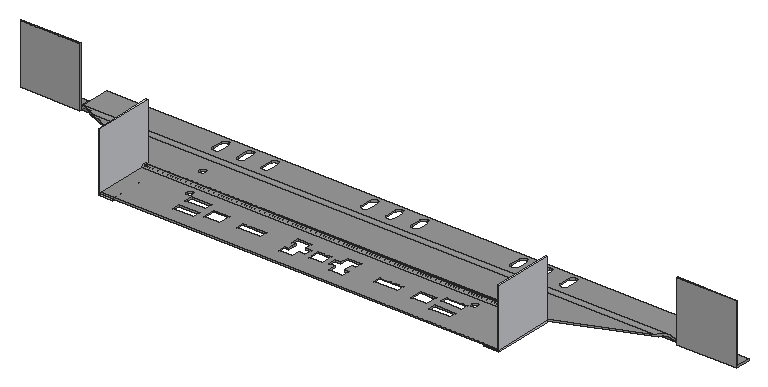
Revit family "Anbau-Abzweigstück - RAAM 640 FS", category Generic Models, Revit 2017
Family settings
  Can host rebar = No
  Round Connector Dimension = Use Diameter
  Part Type = Normal
  Work Plane-Based = No
  Always vertical = Yes
  Cut with Voids When Loaded = No
  Shared = No
  Room Calculation Point = No
Parameters (values of type "RAAM 630 FS")
  Width/2 = Width 2 / 2  # 300 mm
  Width 2 = 600 mm
  Width 1 = Width / 2  # 200 mm
  Width = 400 mm
  URL = "http://www.obo-bettermann.com"
  Material = Strip galvanised
  Manufacturer Art.No. = "6041238"
  Manufacturer = "OBO BETTERMANN"
  GTIN = "4012195878636"
  Article Type = "RAAM 640 FS"
Reference planes
  plane 1 "Center (Front/Back)": y = 0
  plane 2: z = 0
  plane 3 "Center (Left/Right)": x = 0
  plane 4: y = -5.4
  plane 5: z = 3.3
  plane 6: y = -59.8
  plane 7: x = -200
  plane 8: x = 200
  plane 9: x = 300
  plane 10: x = -300
  plane 11: y = 27.173
  plane 12: y = 37.1
  plane 13: z = -1.45
  plane 14: z = 3.3
  plane 15: y = 34.35
  plane 16: y = 39.85
  plane 17: y = 39.072
  plane 18: y = 73.7
  plane 19: y = -8.449
  plane 20: y = -2.7
  plane 21: x = 201.25
  plane 22: x = -201.25
  plane 23: x = 359.6
  plane 24: x = -359.6
  plane 25: y = -32.694
  plane 26: x = -32
  plane 27: x = 32
  plane 28: x = 28
  plane 29: x = -32
  plane 30: x = -28
  plane 31: y = -36.956
  plane 32: y = -44.794
  plane 33: y = -28.916
  plane 34: y = -21.116
  plane 35: y = -28.697
  plane 36: y = -37.194
  plane 37: x = 69
  plane 38: x = -69
  plane 39: x = 104
  plane 40: x = -104
  plane 41: x = 128.5
  plane 42: x = -128.5
  plane 43: y = -24.694
  plane 44: y = -40.694
  plane 45: y = -24.694
  plane 46: y = -40.694
  plane 47: x = -128.5
  plane 48: x = 143.25
  plane 49: x = -143.25
  plane 50: y = -17.55
  plane 51: y = -17.55
  plane 52: y = 60.7
  plane 53: x = 25
  plane 54: x = -25
  plane 55: x = 125
  plane 56: x = -125
  plane 57: y = 69.7
  plane 58: y = 51.7
  plane 59: x = 150
  plane 60: x = 175
  plane 61: x = -150
  plane 62: x = -175
  plane 63: y = 69.7
  plane 64: y = 51.7
  plane 65: x = 157.49
  plane 66: x = -157.49
  plane 67: y = 16.81
  plane 68: y = 16.81
  plane 69: x = -220.1
Forms (mm)
  Extrusion 1, solid, material "Strip galvanised" <- "Material"
    sketch origin (0, 0, 0) x (0, 1, 0) y (0, 0, 1)
      loop
        line (-8.068, 1.284) -> (-59.8, 1.284) -> (-59.8, 0) -> (-8.213, 0)
        arc (-8.213, 0) -> (-7.377, 0.255) -> (-6.825, 0.932) r 1.5
        arc (-6.825, 0.932) -> (-5.366, 2.086) -> (-3.906, 0.932) r 1.5
        arc (-3.906, 0.932) -> (-3.354, 0.255) -> (-2.518, 0) r 1.5
        line (-2.518, 0) -> (0, 0) -> (0, 1.3) -> (-2.705, 1.3)
        arc (-2.705, 1.3) -> (-5.392, 3.286) -> (-8.068, 1.284) r 2.8
    from -200 to 200
  Extrusion 2, solid, material "Strip galvanised" <- "Material"
    sketch origin (0, 0, 0) x (0, 1, 0) y (0, 0, 1)
      loop
        line (0, 0) -> (35.414, 0) -> (35.682, 0.944)
        arc (35.682, 0.944) -> (36.667, 1.944) -> (38.04, 1.654) r 1.462
        line (38.04, 1.654) -> (40.569, -2.728) -> (73.7, -2.728) -> (73.7, -1.45) -> (41.333, -1.45) -> (39.072, 2.465)
        arc (39.072, 2.465) -> (36.416, 3.223) -> (34.432, 1.3) r 2.762
        line (34.432, 1.3) -> (0, 1.3) -> (0, 0)
    from -300 to 300
  Extrusion 3, void
    sketch origin (0, 0.747, 0) x (1, 0, 0) y (0, 1, 0)
      loop
        line (-300, 40.555) -> (-300, -0.747) -> (-199.198, -0.747) -> (-300, 40.555)
    from -2.728 to 4.958
  Extrusion 4, void
    sketch origin (0, 0, 0) x (1, 0, 0) y (0, 1, 0)
      loop
        line (300, 0) -> (300, 41.333) -> (200.073, 0) -> (300, 0)
    from -2.728 to 4.958
  Extrusion 5, solid
    sketch origin (0, 0, 0) x (0, 1, 0) y (0, 0, 1)
      loop
        line (-59.8, 0) -> (0, 0) -> (0, 58.14) -> (-59.8, 58.14) -> (-59.8, 0)
    from 200 to 201.25
  Extrusion 6, solid
    sketch origin (0, 0.246, 0) x (0, 1, 0) y (0, 0, 1)
      loop
        line (0, 0) -> (0, 58.14) -> (-60.046, 58.14) -> (-60.046, 0) -> (0, 0)
    from -201.25 to -200
  Extrusion 7, solid
    sketch origin (0, 0, 0) x (1, 0, 0) y (0, 0, 1)
      loop
        line (-201.25, 0) -> (-201.25, -1.217) -> (-186.25, -1.217) -> (-186.25, 0) -> (-200, 0) -> (-201.25, 0)
    from 0 to 59.8
  Extrusion 8, solid
    sketch origin (0, 0, 0) x (1, 0, 0) y (0, 0, 1)
      loop
        line (201.25, 0) -> (186.25, 0) -> (186.25, -1.268) -> (201.25, -1.268) -> (201.25, 0)
    from 0 to 59.8
  Extrusion 9, solid, material "Strip galvanised" <- "Material"
    sketch origin (0, 0, 0) x (0, 1, 0) y (0, 0, 1)
      loop
        line (41.302, -2.728) -> (41.302, 56.022) -> (40.145, 56.022) -> (40.145, -3.978) -> (55.145, -3.978) -> (55.145, -2.728) -> (41.302, -2.728)
    from 300 to 359.6
  Extrusion 10, void
    sketch origin (0, 0, 0) x (1, 0, 0) y (0, 1, 0)
      loop
        line (300, 55.145) -> (300, 41.302) -> (302.358, 41.302) -> (302.358, 55.145) -> (300, 55.145)
    from -2.728 to -3.978
  Extrusion 11, solid, material "Strip galvanised" <- "Material"
    sketch origin (0, 0, 0) x (0, 1, 0) y (0, 0, 1)
      loop
        line (40.145, -3.978) -> (55.145, -3.978) -> (55.145, -2.728) -> (41.302, -2.728) -> (41.302, 56.022) -> (40.145, 56.022) -> (40.145, -3.978)
    from -300 to -359.6
  Extrusion 12, void
    sketch origin (0, 0, 0) x (1, 0, 0) y (0, 1, 0)
      loop
        line (-300, 55.145) -> (-302.376, 55.145) -> (-302.376, 41.302) -> (-300, 41.302) -> (-300, 55.145)
    from -2.728 to -3.978
  Extrusion 13, void
    sketch origin (0, 0, 0) x (1, 0, 0) y (0, 1, 0)
      loop
        line (-7, -26.694) -> (-7, -38.694) -> (7, -38.694) -> (7, -26.694) -> (-7, -26.694)
    from 1.284 to 0
  Extrusion 14, void
    sketch origin (0, 0, 0) x (1, 0, 0) y (0, 1, 0)
      loop
        line (28, -32.897) -> (28, -28.697) -> (32, -28.697) -> (32, -21.116) -> (17.986, -21.116) -> (17.986, -28.916) -> (11.944, -28.916) -> (11.944, -36.956) -> (17.986, -36.956) -> (17.986, -44.794) -> (32, -44.794) -> (32, -37.194) -> (28, -37.194) -> (28, -32.897)
    from 1.284 to 0
  Extrusion 15, void
    sketch origin (0, 0, 0) x (1, 0, 0) y (0, 1, 0)
      loop
        line (-28, -32.905) -> (-28, -37.194) -> (-32, -37.194) -> (-32, -44.794) -> (-17.955, -44.794) -> (-17.955, -36.956) -> (-11.98, -36.956) -> (-11.98, -28.916) -> (-17.955, -28.916) -> (-17.955, -21.116) -> (-32, -21.116) -> (-32, -28.697) -> (-28, -28.697) -> (-28, -32.905)
    from 1.284 to 0
  Extrusion 16, void
    sketch origin (0, 0, 0) x (1, 0, 0) y (0, 1, 0)
      loop
        line (57, -28.694) -> (57, -36.694) -> (81, -36.694) -> (81, -28.694) -> (57, -28.694)
    from 1.284 to 0
  Extrusion 17, void
    sketch origin (0, 0, 0) x (1, 0, 0) y (0, 1, 0)
      loop
        line (-81, -28.694) -> (-81, -36.694) -> (-57, -36.694) -> (-57, -28.694) -> (-81, -28.694)
    from 1.284 to 0
  Extrusion 18, void
    sketch origin (0, 0, 0) x (1, 0, 0) y (0, 1, 0)
      loop
        line (96, -26.694) -> (96, -38.694) -> (112, -38.694) -> (112, -26.694) -> (96, -26.694)
      loop
        line (-112, -26.694) -> (-112, -38.694) -> (-96, -38.694) -> (-96, -26.694) -> (-112, -26.694)
    from 1.284 to -2.728
  Extrusion 19, void
    sketch origin (0, 0, 0) x (1, 0, 0) y (0, 1, 0)
      loop
        line (118, -20.894) -> (118, -28.494) -> (139, -28.494) -> (139, -20.894) -> (118, -20.894)
      loop
        line (118, -36.894) -> (118, -44.494) -> (139, -44.494) -> (139, -36.894) -> (118, -36.894)
    from 1.3 to 0
  Extrusion 20, void
    sketch origin (0, 0, 0) x (1, 0, 0) y (0, 1, 0)
      loop
        line (-139, -20.894) -> (-139, -28.494) -> (-118, -28.494) -> (-118, -20.894) -> (-139, -20.894)
      loop
        line (-139, -36.894) -> (-139, -44.494) -> (-118, -44.494) -> (-118, -36.894) -> (-139, -36.894)
    from 1.3 to 0
  Extrusion 21, void
    sketch origin (0, 0, 0) x (1, 0, 0) y (0, 1, 0)
      loop
        circle (143.25, -17.251) r 3.1
      loop
        circle (-143.25, -17.251) r 3.067
    from 1.284 to -1.45
  Extrusion 22, void
    sketch origin (0, 0, 0) x (1, 0, 0) y (0, 1, 0)
      loop
        arc (-4, 55.7) -> (0, 51.7) -> (4, 55.7) r 4
        line (4, 55.7) -> (4, 65.7)
        arc (4, 65.7) -> (0, 69.7) -> (-4, 65.7) r 4
        line (-4, 65.7) -> (-4, 55.7)
      loop
        arc (21.008, 55.7) -> (25.008, 51.7) -> (29.008, 55.7) r 4
        line (29.008, 55.7) -> (29.008, 65.7)
        arc (29.008, 65.7) -> (25.008, 69.7) -> (21.008, 65.7) r 4
        line (21.008, 65.7) -> (21.008, 55.7)
      loop
        arc (-29, 55.7) -> (-25, 51.7) -> (-21, 55.7) r 4
        line (-21, 55.7) -> (-21, 65.7)
        arc (-21, 65.7) -> (-25, 69.7) -> (-29, 65.7) r 4
        line (-29, 65.7) -> (-29, 55.7)
      loop
        arc (120.831, 55.785) -> (124.915, 51.7) -> (129, 55.785) r 4.085
        line (129, 55.785) -> (129, 65.615)
        arc (129, 65.615) -> (124.915, 69.7) -> (120.831, 65.615) r 4.085
        line (120.831, 65.615) -> (120.831, 55.785)
      loop
        arc (146, 55.791) -> (150, 51.791) -> (154, 55.791) r 4
        line (154, 55.791) -> (154, 65.7)
        arc (154, 65.7) -> (150, 69.7) -> (146, 65.7) r 4
        line (146, 65.7) -> (146, 55.791)
      loop
        arc (171.007, 55.544) -> (175.004, 51.548) -> (179, 55.544) r 3.996
        line (179, 55.544) -> (179, 65.757)
        arc (179, 65.757) -> (175.004, 69.753) -> (171.007, 65.757) r 3.996
        line (171.007, 65.757) -> (171.007, 55.544)
      loop
        arc (-129, 55.614) -> (-125.086, 51.7) -> (-121.172, 55.614) r 3.914
        line (-121.172, 55.614) -> (-121.172, 65.786)
        arc (-121.172, 65.786) -> (-125.086, 69.7) -> (-129, 65.786) r 3.914
        line (-129, 65.786) -> (-129, 55.614)
      loop
        arc (-153.996, 55.729) -> (-149.996, 51.729) -> (-145.996, 55.729) r 4
        line (-145.996, 55.729) -> (-145.996, 65.7)
        arc (-145.996, 65.7) -> (-149.996, 69.7) -> (-153.996, 65.7) r 4
        line (-153.996, 65.7) -> (-153.996, 55.729)
      loop
        arc (-178.78, 55.884) -> (-174.596, 51.7) -> (-170.412, 55.884) r 4.184
        line (-170.412, 55.884) -> (-170.412, 65.516)
        arc (-170.412, 65.516) -> (-174.596, 69.7) -> (-178.78, 65.516) r 4.184
        line (-178.78, 65.516) -> (-178.78, 55.884)
    from 0 to -2.728
  Extrusion 23, void
    sketch origin (0, 0, 0) x (1, 0, 0) y (0, 1, 0)
      loop
        circle (157.49, 16.81) r 3.129
      loop
        circle (-157.49, 16.81) r 3.144
    from 1.3 to 0
Cuts and joins
  Extrusion 3, Extrusion 4, Extrusion 10, Extrusion 12, Extrusion 22, Extrusion 23 cuts Extrusion 2
  Extrusion 10 cuts Extrusion 9
  Extrusion 12 cuts Extrusion 11
  Extrusion 13, Extrusion 14, Extrusion 15, Extrusion 16, Extrusion 17, Extrusion 18, Extrusion 19, Extrusion 20, Extrusion 21 cuts Extrusion 1
  Extrusion 19, Extrusion 21 cuts Extrusion 8
  Extrusion 20, Extrusion 21 cuts Extrusion 7
Dimensions and locks
  locked: plane 6 to Extrusion 1 sketch curve at 59.8
  plane 6 to plane 4 = 54.4 mm
  locked: Extrusion 1 sketch curve to Extrusion 1 sketch curve at 1.284
  Extrusion 1 sketch curve to Extrusion 1 sketch curve = 59.8 mm
  locked: plane 5 to level at 3.3
  locked: Extrusion 1 sketch curve to level at 2.086
  locked: Extrusion 1 sketch curve to Extrusion 1 sketch curve at 3.286
  "Width 1": plane 7 to plane 3 "Center (Left/Right)"
  "Width": plane 7 to plane 8
  locked: Extrusion 1 to Extrusion 1 at 59.8
  "Width/2": plane 3 "Center (Left/Right)" to plane 9
  locked: Extrusion 1 to plane 12 at 96.9
  locked: Extrusion 2 sketch curve to plane 14 at 2
  locked: Extrusion 2 sketch curve to plane 13 at 1.45
  locked: plane 12 to plane 16 at 2.75
  locked: plane 15 to plane 12 at 2.75
  locked: Extrusion 2 sketch curve to Extrusion 2 sketch curve at 2.006
  locked: Extrusion 2 sketch curve to level at 2.006
  locked: Extrusion 1 to plane 18 at 133.5
  locked: Extrusion 2 sketch curve to Extrusion 2 sketch curve at 1.278
  locked: Extrusion 2 sketch curve to Extrusion 2 sketch curve at 32.367
  locked: Extrusion 2 sketch curve to Extrusion 2 sketch curve at 1.3
  locked: Extrusion 5 sketch curve to Extrusion 5 sketch curve at 59.8
  locked: Extrusion 1 to Extrusion 5 sketch curve at 58.14
  locked: Extrusion 5 to plane 21 at 1.25
  locked: plane 8 to plane 21 at 1.25
  locked: Extrusion 1 to Extrusion 5 at 58.14
  locked: Extrusion 5 to Extrusion 5 at 59.8
  locked: plane 22 to plane 7 at 1.25
  locked: Extrusion 1 to Extrusion 7 sketch curve at 1.217
  locked: Extrusion 7 sketch curve to Extrusion 7 sketch curve at 15
  locked: Extrusion 1 to Extrusion 8 sketch curve at 1.268
  locked: Extrusion 8 sketch curve to Extrusion 8 sketch curve at 15
  locked: Extrusion 6 to Extrusion 7 at 0.246
  plane 9 to plane 23 = 59.6 mm  (x2)
  locked: Extrusion 9 sketch curve to Extrusion 9 sketch curve at 1.157
  locked: cut or joined group of Extrusion 2, Extrusion 3, Extrusion 4, Extrusion 10, Extrusion 12, Extrusion 22, Extrusion 23 to Extrusion 9 sketch curve at 1.25
  locked: Extrusion 9 sketch curve to Extrusion 9 sketch curve at 15
  locked: Extrusion 9 sketch curve to Extrusion 9 sketch curve at 60
  locked: cut or joined group of Extrusion 2, Extrusion 3, Extrusion 4, Extrusion 10, Extrusion 12, Extrusion 22, Extrusion 23 to Extrusion 10 sketch curve at 2.358
  locked: Extrusion 9 to Extrusion 9 at 13.843
  locked: cut or joined group of Extrusion 9, Extrusion 10 to cut or joined group of Extrusion 2, Extrusion 3, Extrusion 4, Extrusion 10, Extrusion 12, Extrusion 22, Extrusion 23 at 1.25
  locked: cut or joined group of Extrusion 9, Extrusion 10 to cut or joined group of Extrusion 9, Extrusion 10 at 1.157
  locked: cut or joined group of Extrusion 9, Extrusion 10 to cut or joined group of Extrusion 9, Extrusion 10 at 60
  locked: Extrusion 12 sketch curve to cut or joined group of Extrusion 2, Extrusion 3, Extrusion 4, Extrusion 10, Extrusion 12, Extrusion 22, Extrusion 23 at 2.376
  "Width 2": plane 10 to plane 9
  locked: cut or joined group of Extrusion 11, Extrusion 12 to cut or joined group of Extrusion 11, Extrusion 12 at 57.224
  locked: cut or joined group of Extrusion 11, Extrusion 12 to cut or joined group of Extrusion 2, Extrusion 3, Extrusion 4, Extrusion 10, Extrusion 12, Extrusion 22, Extrusion 23 at 59.6
  locked: plane 24 to plane 10 at 59.6
  locked: cut or joined group of Extrusion 11, Extrusion 12 to cut or joined group of Extrusion 11, Extrusion 12 at 13.843
  locked: cut or joined group of Extrusion 11, Extrusion 12 to cut or joined group of Extrusion 2, Extrusion 3, Extrusion 4, Extrusion 10, Extrusion 12, Extrusion 22, Extrusion 23 at 2.376
  locked: Extrusion 13 sketch curve to Extrusion 13 sketch curve at 14
  plane 3 "Center (Left/Right)" to Extrusion 13 sketch curve = 7 mm
  locked: Extrusion 13 sketch curve to Extrusion 13 sketch curve at 12
  locked: plane 25 to Extrusion 13 sketch curve at 6
  locked: cut or joined group 1 (Extrusion 1, Extrusion 13, Extrusion 14, Extrusion 15, Extrusion 16, Extrusion 17, Extrusion 18, Extrusion 19, Extrusion 20, Extrusion 21) to cut or joined group 1 at 21.106
  locked: plane 3 "Center (Left/Right)" to cut or joined group 1 at 7
  locked: plane 26 to plane 3 "Center (Left/Right)" at 32
  locked: plane 3 "Center (Left/Right)" to plane 27 at 32
  locked: Extrusion 14 sketch curve to Extrusion 14 sketch curve at 8.04
  locked: Extrusion 14 sketch curve to Extrusion 14 sketch curve at 23.678
  locked: Extrusion 14 sketch curve to Extrusion 14 sketch curve at 20.056
  locked: Extrusion 14 sketch curve to Extrusion 14 sketch curve at 8.497
  Extrusion 14 sketch curve to Extrusion 14 sketch curve = 14.014 mm
  locked: Extrusion 14 sketch curve to Extrusion 14 sketch curve at 7.8
  locked: Extrusion 14 sketch curve to Extrusion 14 sketch curve at 6.042  (x2)
  locked: Extrusion 14 sketch curve to Extrusion 14 sketch curve at 4  (x2)
  locked: cut or joined group 1 to Extrusion 14 sketch curve at 15.006
  locked: plane 3 "Center (Left/Right)" to Extrusion 14 sketch curve at 11.944
  locked: plane 29 to plane 3 "Center (Left/Right)" at 32
  Extrusion 15 sketch curve to Extrusion 15 sketch curve = 8.497 mm
  locked: Extrusion 15 sketch curve to Extrusion 15 sketch curve at 8.04
  locked: Extrusion 15 sketch curve to Extrusion 15 sketch curve at 23.678
  locked: Extrusion 15 sketch curve to Extrusion 15 sketch curve at 8.497
  locked: Extrusion 15 sketch curve to Extrusion 15 sketch curve at 4  (x2)
  locked: Extrusion 15 sketch curve to Extrusion 15 sketch curve at 5.974  (x2)
  locked: Extrusion 15 sketch curve to Extrusion 15 sketch curve at 7.6
  locked: Extrusion 15 sketch curve to Extrusion 15 sketch curve at 7.8
  locked: Extrusion 15 sketch curve to plane 3 "Center (Left/Right)" at 11.98
  locked: cut or joined group 1 to Extrusion 15 sketch curve at 15.006
  locked: Extrusion 15 sketch curve to plane 3 "Center (Left/Right)" at 32
  locked: plane 3 "Center (Left/Right)" to plane 37 at 69
  locked: Extrusion 16 sketch curve to Extrusion 16 sketch curve at 8
  locked: plane 25 to Extrusion 16 sketch curve at 4
  locked: Extrusion 16 sketch curve to Extrusion 16 sketch curve at 24
  locked: Extrusion 16 sketch curve to plane 37 at 12
  locked: plane 38 to plane 3 "Center (Left/Right)" at 69
  locked: Extrusion 17 sketch curve to Extrusion 17 sketch curve at 8
  locked: plane 25 to Extrusion 17 sketch curve at 4
  locked: Extrusion 17 sketch curve to Extrusion 17 sketch curve at 24
  locked: Extrusion 17 sketch curve to plane 38 at 12
  plane 3 "Center (Left/Right)" to plane 39 = 104 mm
  plane 40 to plane 3 "Center (Left/Right)" = 104 mm
  locked: Extrusion 18 sketch curve to Extrusion 18 sketch curve at 16  (x2)
  locked: Extrusion 18 sketch curve to plane 39 at 8
  locked: Extrusion 18 sketch curve to Extrusion 18 sketch curve at 12  (x2)
  locked: plane 25 to Extrusion 18 sketch curve at 6  (x2)
  locked: Extrusion 18 sketch curve to plane 40 at 8
  locked: plane 3 "Center (Left/Right)" to plane 41 at 128.5
  locked: plane 42 to plane 3 "Center (Left/Right)" at 128.5
  locked: Extrusion 19 sketch curve to Extrusion 19 sketch curve at 21  (x2)
  locked: plane 41 to Extrusion 19 sketch curve at 10.5  (x2)
  locked: Extrusion 19 sketch curve to Extrusion 19 sketch curve at 7.6  (x2)
  locked: plane 44 to Extrusion 19 sketch curve at 3.8
  locked: plane 43 to Extrusion 19 sketch curve at 3.8
  locked: cut or joined group 1 to cut or joined group 1 at 15.306
  locked: cut or joined group 1 to cut or joined group 1 at 38.906
  locked: plane 45 to plane 25 at 8
  locked: plane 25 to plane 46 at 8
  locked: Extrusion 20 sketch curve to Extrusion 20 sketch curve at 21  (x2)
  locked: plane 47 to plane 3 "Center (Left/Right)" at 128.5
  locked: Extrusion 20 sketch curve to plane 47 at 10.5  (x2)
  locked: Extrusion 20 sketch curve to Extrusion 20 sketch curve at 7.6  (x2)
  locked: plane 45 to Extrusion 20 sketch curve at 3.8
  locked: plane 46 to Extrusion 20 sketch curve at 3.8
  locked: plane 3 "Center (Left/Right)" to plane 48 at 143.25
  locked: plane 49 to plane 3 "Center (Left/Right)" at 143.25
  locked: cut or joined group 1 to plane 50 at 42.25
  locked: cut or joined group 1 to plane 51 at 42.25
  locked: plane 48 to Extrusion 21 sketch curve at 0
  locked: Extrusion 21 sketch curve to plane 50 at 3.399
  locked: plane 49 to Extrusion 21 sketch curve at 0
  locked: plane 51 to Extrusion 21 sketch curve at 2.768
  locked: plane 3 "Center (Left/Right)" to plane 53 at 25
  locked: plane 54 to plane 3 "Center (Left/Right)" at 25
  locked: Extrusion 22 sketch curve to Extrusion 22 sketch curve at 8  (x4)
  Extrusion 22 sketch curve to plane 52 = 9 mm  (x2)
  plane 52 to Extrusion 22 sketch curve = 9 mm  (x2)
  locked: plane 54 to Extrusion 22 sketch curve at 4
  locked: Extrusion 22 sketch curve to plane 52 at 9  (x7)
  locked: plane 52 to Extrusion 22 sketch curve at 9  (x5)
  locked: plane 3 "Center (Left/Right)" to plane 55 at 125
  locked: plane 56 to plane 3 "Center (Left/Right)" at 125
  locked: plane 55 to plane 59 at 25
  locked: plane 59 to plane 60 at 25
  Extrusion 22 sketch curve to Extrusion 22 sketch curve = 8.169 mm
  locked: plane 55 to Extrusion 22 sketch curve at 4
  plane 52 to Extrusion 22 sketch curve = 8.909 mm
  plane 52 to Extrusion 22 sketch curve = 9.152 mm
  Extrusion 22 sketch curve to Extrusion 22 sketch curve = 8 mm
  plane 59 to Extrusion 22 sketch curve = 4 mm
  plane 55 to Extrusion 22 sketch curve = 4 mm
  locked: Extrusion 22 sketch curve to plane 59 at 4
  locked: plane 60 to Extrusion 22 sketch curve at 4
  locked: plane 52 to Extrusion 22 sketch curve at 9.152
  locked: plane 52 to Extrusion 22 sketch curve at 8.909
  locked: Extrusion 22 sketch curve to plane 52 at 9.053
  locked: plane 61 to plane 56 at 25
  locked: plane 62 to plane 61 at 25
  Extrusion 22 sketch curve to Extrusion 22 sketch curve = 7.828 mm
  locked: Extrusion 22 sketch curve to plane 56 at 4
  locked: plane 61 to Extrusion 22 sketch curve at 4.004
  locked: plane 52 to Extrusion 22 sketch curve at 8.971
  locked: plane 3 "Center (Left/Right)" to plane 65 at 157.49
  locked: plane 66 to plane 3 "Center (Left/Right)" at 157.49
  locked: cut or joined group 1 to plane 67 at 76.61
  locked: cut or joined group 1 to plane 68 at 76.61
  locked: plane 65 to Extrusion 23 sketch curve
  locked: Extrusion 23 sketch curve to plane 67 at 3.129
  locked: plane 66 to Extrusion 23 sketch curve
  locked: Extrusion 23 sketch curve to plane 68 at 3.144
  "Width": Extrusion 6 to Extrusion 5
  "Width 2": cut or joined group of Extrusion 2, Extrusion 3, Extrusion 4, Extrusion 10, Extrusion 12, Extrusion 22, Extrusion 23 to cut or joined group of Extrusion 2, Extrusion 3, Extrusion 4, Extrusion 10, Extrusion 12, Extrusion 22, Extrusion 23
  "Width": Extrusion 5 to Extrusion 6
  "Width 2": cut or joined group of Extrusion 9, Extrusion 10 to cut or joined group of Extrusion 11, Extrusion 12
  radius of Extrusion 2 sketch curve = 2.762 mm
  radius of Extrusion 2 sketch curve = 1.462 mm
  locked: Extrusion 2 sketch curve to plane 14 (angle 60.00°)
  aligned and locked: level to plane 2
  aligned and locked: level to Extrusion 1 sketch curve
  aligned and locked: Extrusion 1 to plane 1 "Center (Front/Back)"
  aligned and locked: Extrusion 1 to level
  aligned and locked: plane 8 to Extrusion 1
  aligned and locked: Extrusion 1 to plane 7
  aligned and locked: Extrusion 2 sketch curve to plane 1 "Center (Front/Back)"
  aligned and locked: Extrusion 2 sketch curve to plane 18
  aligned and locked: Extrusion 2 to level
  aligned and locked: plane 1 "Center (Front/Back)" to Extrusion 2
  aligned and locked: plane 9 to Extrusion 2
  aligned and locked: Extrusion 2 to plane 10
  aligned and locked: plane 9 to Extrusion 4 sketch curve
  aligned and locked: plane 1 "Center (Front/Back)" to Extrusion 3
  aligned and locked: plane 1 "Center (Front/Back)" to Extrusion 5 sketch curve
  aligned and locked: level to Extrusion 5 sketch curve
  aligned and locked: Extrusion 5 to Extrusion 1
  aligned and locked: plane 21 to Extrusion 5
  aligned and locked: Extrusion 5 to plane 8
  aligned and locked: Extrusion 1 to Extrusion 5
  aligned and locked: Extrusion 5 to plane 21
  aligned and locked: plane 8 to Extrusion 5
  aligned and locked: level to Extrusion 6 sketch curve
  aligned and locked: Extrusion 6 to Extrusion 1  (x2)
  aligned and locked: Extrusion 6 to plane 22
  aligned and locked: plane 7 to Extrusion 6
  aligned and locked: plane 22 to Extrusion 6
  aligned and locked: Extrusion 6 to plane 7
  aligned and locked: level to Extrusion 7 sketch curve
  aligned and locked: Extrusion 7 sketch curve to plane 22
  aligned and locked: Extrusion 7 to Extrusion 1
  aligned and locked: Extrusion 7 to plane 1 "Center (Front/Back)"
  aligned and locked: Extrusion 6 to Extrusion 7
  aligned and locked: Extrusion 1 to Extrusion 7
  aligned and locked: Extrusion 8 sketch curve to level
  aligned and locked: Extrusion 8 sketch curve to plane 21
  aligned and locked: Extrusion 8 to plane 1 "Center (Front/Back)"
  aligned and locked: Extrusion 1 to Extrusion 8
  aligned and locked: Extrusion 8 to Extrusion 1
  aligned and locked: plane 23 to Extrusion 9
  aligned and locked: Extrusion 9 to plane 9
  aligned and locked: Extrusion 9 to cut or joined group of Extrusion 2, Extrusion 3, Extrusion 4, Extrusion 10, Extrusion 12, Extrusion 22, Extrusion 23  (x3)
  aligned and locked: Extrusion 10 to Extrusion 2
  aligned and locked: cut or joined group of Extrusion 9, Extrusion 10 to Extrusion 10
  aligned and locked: cut or joined group of Extrusion 9, Extrusion 10 to Extrusion 11
  aligned and locked: Extrusion 11 to cut or joined group of Extrusion 9, Extrusion 10  (x3)
  aligned and locked: Extrusion 11 to cut or joined group of Extrusion 2, Extrusion 3, Extrusion 4, Extrusion 10, Extrusion 12, Extrusion 22, Extrusion 23
  aligned and locked: Extrusion 12 sketch curve to plane 10
  aligned and locked: Extrusion 12 to Extrusion 2
  aligned and locked: Extrusion 12 to Extrusion 3
  aligned and locked: Extrusion 12 to cut or joined group of Extrusion 11, Extrusion 12  (x3)
  aligned and locked: plane 10 to Extrusion 12
  aligned and locked: Extrusion 11 to plane 24
  aligned and locked: plane 24 to cut or joined group of Extrusion 11, Extrusion 12  (x2)
  aligned and locked: Extrusion 11 to Extrusion 12  (x2)
  aligned and locked: Extrusion 9 to Extrusion 10  (x2)
  aligned and locked: Extrusion 9 to cut or joined group of Extrusion 11, Extrusion 12
  aligned and locked: plane 10 to Extrusion 11
  aligned and locked: Extrusion 1 to Extrusion 13
  aligned and locked: Extrusion 13 to level
  aligned and locked: Extrusion 1 to Extrusion 14  (x2)
  aligned and locked: Extrusion 15 to Extrusion 14  (x2)
  aligned and locked: Extrusion 14 to Extrusion 15
  aligned and locked: Extrusion 1 to Extrusion 15  (x2)
  aligned and locked: Extrusion 1 to Extrusion 16  (x2)
  aligned and locked: Extrusion 1 to Extrusion 17  (x2)
  aligned and locked: Extrusion 18 to Extrusion 13
  aligned and locked: Extrusion 13 to Extrusion 18
  aligned and locked: Extrusion 1 to Extrusion 18
  aligned and locked: cut or joined group of Extrusion 2, Extrusion 3, Extrusion 4, Extrusion 10, Extrusion 12, Extrusion 22, Extrusion 23 to Extrusion 18
  aligned and locked: cut or joined group of Extrusion 2, Extrusion 3, Extrusion 4, Extrusion 10, Extrusion 12, Extrusion 22, Extrusion 23 to Extrusion 19
  aligned and locked: Extrusion 19 to level
  aligned and locked: cut or joined group 1 to cut or joined group 1  (x2)
  aligned and locked: cut or joined group of Extrusion 2, Extrusion 3, Extrusion 4, Extrusion 10, Extrusion 12, Extrusion 22, Extrusion 23 to Extrusion 20  (x2)
  aligned and locked: Extrusion 1 to Extrusion 21
  aligned and locked: plane 63 to plane 57
  aligned and locked: plane 64 to plane 58
  aligned and locked: Extrusion 22 to Extrusion 2
  aligned and locked: Extrusion 2 to Extrusion 22
  aligned and locked: Extrusion 2 to Extrusion 23  (x2)
Automatic sketch dimensions
  Extrusion 1 sketch curve to level = 0 mm
  Extrusion 1 sketch curve to Extrusion 1 sketch curve = 0.146 mm
  plane 4 to Extrusion 1 sketch curve = 0.016 mm
  plane 4 to Extrusion 1 sketch curve = 0.034 mm
  level to Extrusion 1 sketch curve = 1.3 mm
  Extrusion 1 sketch curve to Extrusion 1 sketch curve = 0.187 mm
  level to Extrusion 1 sketch curve = 0.486 mm
  Extrusion 1 sketch curve to Extrusion 1 sketch curve = 0.1 mm
  Extrusion 1 sketch curve to Extrusion 1 sketch curve = 0.2 mm
  Extrusion 1 sketch curve to Extrusion 1 sketch curve = 0.216 mm
  Extrusion 2 sketch curve to Extrusion 2 sketch curve = 0 mm
  Extrusion 2 sketch curve to plane 17 = 0 mm
  Extrusion 2 sketch curve to plane 13 = 0 mm
  Extrusion 2 sketch curve to Extrusion 2 sketch curve = 0.982 mm
  Extrusion 3 sketch curve to plane 1 "Center (Front/Back)" = 0 mm
  Extrusion 3 sketch curve to plane 10 = 0 mm
  plane 7 to Extrusion 3 sketch curve = 0.802 mm
  plane 11 to Extrusion 3 sketch curve = 14.129 mm
  plane 1 "Center (Front/Back)" to Extrusion 4 sketch curve = 0 mm
  plane 8 to Extrusion 4 sketch curve = 0.073 mm
  plane 11 to Extrusion 4 sketch curve = 14.159 mm
  plane 1 "Center (Front/Back)" to Extrusion 6 sketch curve = 59.8 mm
  level to Extrusion 6 sketch curve = 58.14 mm
  Extrusion 7 sketch curve to plane 7 = 0 mm
  Extrusion 6 sketch curve to plane 1 "Center (Front/Back)" = 0.246 mm
  plane 11 to Extrusion 9 sketch curve = 12.971 mm
  Extrusion 9 sketch curve to level = 2.728 mm
  Extrusion 10 sketch curve to plane 9 = 0 mm
  plane 11 to Extrusion 10 sketch curve = 27.971 mm
  Extrusion 10 sketch curve to Extrusion 10 sketch curve = 13.843 mm
  plane 11 to Extrusion 12 sketch curve = 14.129 mm
  Extrusion 12 sketch curve to Extrusion 12 sketch curve = 13.843 mm
  plane 25 to Extrusion 14 sketch curve = 3.997 mm
  Extrusion 14 sketch curve to plane 25 = 0.203 mm
  Extrusion 15 sketch curve to plane 25 = 0.211 mm
  plane 50 to Extrusion 21 sketch curve = 0.299 mm  (x2)
  Extrusion 22 sketch curve to plane 3 "Center (Left/Right)" = 0 mm
  Extrusion 22 sketch curve to plane 62 = 0.404 mm
  Extrusion 22 sketch curve to plane 53 = 3.992 mm
  Extrusion 22 sketch curve to plane 57 = 3.943 mm
  plane 58 to Extrusion 22 sketch curve = 4 mm
  Extrusion 22 sketch curve to plane 57 = 4 mm
  Extrusion 22 sketch curve to plane 57 = 4.184 mm
  Extrusion 23 sketch curve to plane 67 = 0 mm  (x2)
  Extrusion 11 sketch curve to level = 3.978 mm
  plane 11 to Extrusion 11 sketch curve = 12.971 mm
  Extrusion 11 sketch curve to Extrusion 11 sketch curve = 1.157 mm
  Extrusion 11 sketch curve to Extrusion 11 sketch curve = 13.843 mm
  Extrusion 11 sketch curve to Extrusion 11 sketch curve = 1.25 mm
  level to Extrusion 11 sketch curve = 56.022 mm
